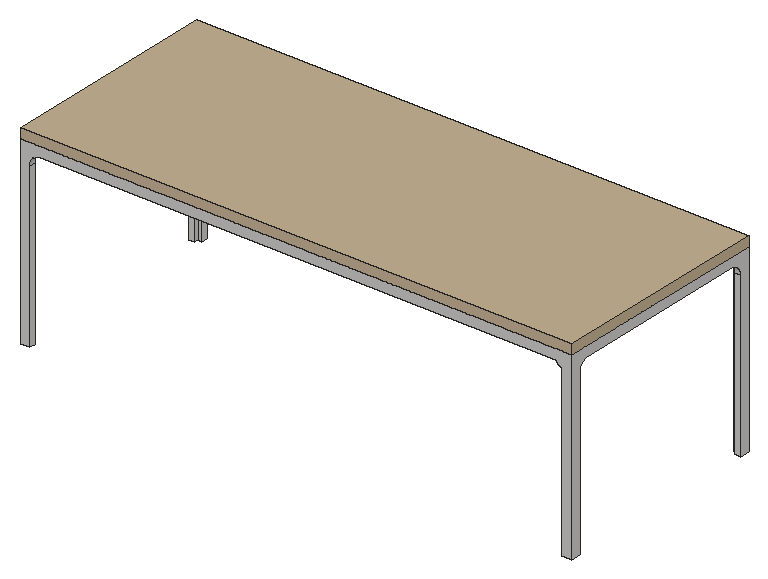
Revit family "Family2", category Furniture, Revit 2019
Family settings
  OmniClass Number = 23.40.20.00
  OmniClass Title = General Furniture and Specialties
  Work Plane-Based = No
  Always vertical = Yes
  Cut with Voids When Loaded = No
  Shared = No
  Room Calculation Point = No
Parameters
  Yükseklik = 700 mm
  Uzunluk = 2000 mm
  Masa Malzemesi = Oak, White
  Masa Kalınlık = 35 mm
  Genişlik = 800 mm
  Ayak Malzemesi = Malzeme - Ayak
  Ayak Genişlik = 35 mm
Reference planes
  plane 1 "Center (Front/Back)": y = 0
  plane 2: z = 0
  plane 3 "Center (Left/Right)": x = 0
  plane 4: x = -1000
  plane 5: x = 1000
  plane 6: y = 400
  plane 7: y = -400
  plane 8: z = 700
  plane 9: z = 665
  plane 10: x = -965
  plane 11: z = 630
  plane 12: x = 965
  plane 13: y = 365
  plane 14: y = -365
Forms (mm)
  Extrusion 1, solid, material "Oak, White" <- "Masa Malzemesi"
    sketch origin (0, 0, 0) x (1, 0, 0) y (0, 1, 0)
      loop
        line (-1000, 400) -> (-1000, -400) -> (1000, -400) -> (1000, 400) -> (-1000, 400)
    from 665 to 700
  Extrusion 2, solid, material "Malzeme - Ayak" <- "Ayak Malzemesi"
    sketch origin (0, 0, 0) x (1, 0, 0) y (0, 1, 0)
      loop
        line (-1000, 400) -> (-1000, -400) -> (1000, -400) -> (1000, 400) -> (-1000, 400)
      loop
        line (-980, 380) -> (-980, -380) -> (980, -380) -> (980, 380) -> (-980, 380)
    from 0 to 665
  Extrusion 3, void
    sketch origin (0, 0, 0) x (1, 0, 0) y (0, 0, 1)
      loop
        arc (-925, 630) -> (-953.284, 618.284) -> (-965, 590) r 40
        line (-965, 590) -> (-965, 0) -> (965, 0) -> (965, 590)
        arc (965, 590) -> (953.284, 618.284) -> (925, 630) r 40
        line (925, 630) -> (-925, 630)
    from -400 to 400
  Extrusion 4, void
    sketch origin (0, 0, 0) x (0, 1, 0) y (0, 0, 1)
      loop
        line (325, 630) -> (-325, 630)
        arc (-325, 630) -> (-353.284, 618.284) -> (-365, 590) r 40
        line (-365, 590) -> (-365, 0) -> (365, 0) -> (365, 590)
        arc (365, 590) -> (353.284, 618.284) -> (325, 630) r 40
    from -1000 to 1000
Cuts and joins
  Extrusion 3, Extrusion 4 cuts Extrusion 2
Dimensions and locks
  equal spacing: plane 4, plane 3 "Center (Left/Right)", plane 5
  equal spacing: plane 6, plane 1 "Center (Front/Back)", plane 7
  "Yükseklik": plane 8 to plane 2
  "Uzunluk": plane 4 to plane 5
  "Genişlik": plane 6 to plane 7
  "Masa Kalınlık": plane 8 to plane 9
  "Ayak Genişlik": plane 10 to plane 4
  "Ayak Genişlik": plane 5 to plane 12
  "Ayak Genişlik": plane 9 to plane 11
  "Ayak Genişlik": plane 6 to plane 13
  "Ayak Genişlik": plane 14 to plane 7
  Extrusion 4 to level = 630 mm
  aligned and locked: level to plane 2
  aligned and locked: Extrusion 1 sketch curve to plane 6
  aligned and locked: Extrusion 1 sketch curve to plane 4
  aligned and locked: plane 7 to Extrusion 1 sketch curve
  aligned and locked: Extrusion 1 sketch curve to plane 5
  aligned and locked: plane 8 to Extrusion 1
  aligned and locked: Extrusion 1 to plane 9
  aligned and locked: Extrusion 2 sketch curve to Extrusion 1  (x4)
  aligned and locked: Extrusion 2 to plane 2
  aligned and locked: plane 9 to Extrusion 2
  aligned and locked: Extrusion 3 sketch curve to plane 11
  aligned and locked: plane 10 to Extrusion 3 sketch curve
  aligned and locked: Extrusion 3 sketch curve to plane 12
  aligned and locked: plane 2 to Extrusion 3 sketch curve
  aligned and locked: plane 6 to Extrusion 3
  aligned and locked: Extrusion 3 to plane 7
  aligned and locked: plane 11 to Extrusion 4 sketch curve
  aligned and locked: Extrusion 4 sketch curve to plane 13
  aligned and locked: plane 14 to Extrusion 4 sketch curve
  aligned and locked: plane 2 to Extrusion 4 sketch curve
  aligned and locked: Extrusion 4 to plane 4
  aligned and locked: plane 5 to Extrusion 4
Automatic sketch dimensions
  plane 4 to Extrusion 2 sketch curve = 20 mm
  Extrusion 2 sketch curve to plane 6 = 20 mm
  Extrusion 2 sketch curve to plane 5 = 20 mm
  plane 7 to Extrusion 2 sketch curve = 20 mm
  Extrusion 3 sketch curve to Extrusion 3 sketch curve = 40 mm
  Extrusion 3 sketch curve to plane 12 = 40 mm
  Extrusion 4 sketch curve to plane 11 = 40 mm  (x2)
